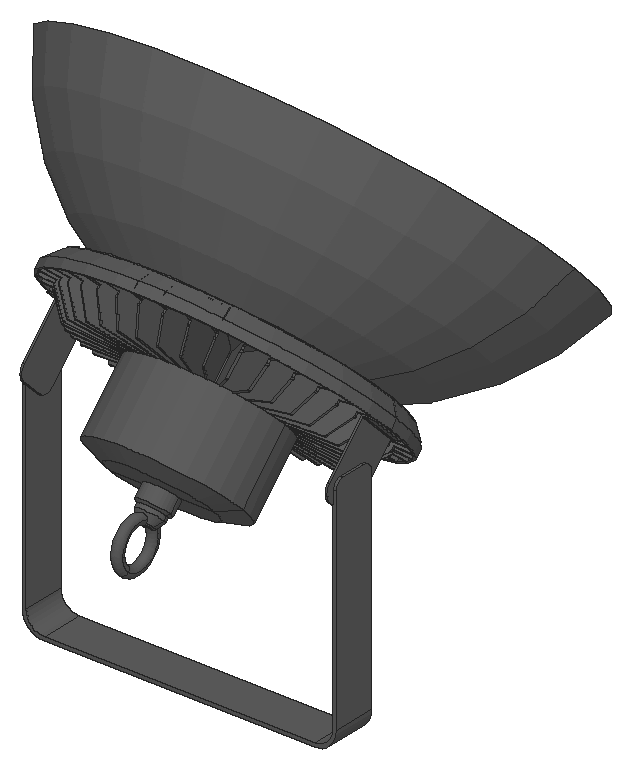
Revit family "0039347+0039353+0039357 Feilo Sylvania Lighting Fixture START HIGHBAY 4K 13KLM WIDE with BRACKET and ALU SHADE BLACK COLOR", category Lighting Fixtures, host Face, Revit 2017 (continued)
Definition of nested family "Start LED Highbay Head"
  Dimensions and locks
    "RHHeight3_FEILO": plane 31 to plane 33
    "RHHeight4_FEILO": plane 33 to plane 34
    "RHRadius3_FEILO": plane 3 "Center (Left/Right)" to plane 35
    "RHHeight1_FEILO": plane 28 to plane 30
    "EyeInner_FEILO": plane 34 to plane 36
    "EyeInner_FEILO": plane 36 to plane 37
    equal spacing: plane 38, plane 3 "Center (Left/Right)", plane 39
    "EyeThickness_FEILO": plane 38 to plane 39
    "EyeThickness_FEILO": plane 37 to plane 40
    equal spacing: plane 37, plane 41, plane 40
    equal spacing: plane 6, plane 42, plane 18
    "ThicknessBracket_FEILO": plane 45 to plane 6
    "ThicknessBracket_FEILO": plane 8 to plane 44
    locked: plane 43 to plane 18 at 1
    equal spacing: plane 24, plane 46, plane 26
    equal spacing: plane 47, plane 1 "Center (Front/Back)", plane 48
    "WidthBracket_FEILO": plane 47 to plane 48
    "WidthRingChamfer_FEILO": plane 50 to plane 49
    "ThicknessWall_FEILO": plane 51 to plane 49
    equal spacing: plane 50, plane 52, plane 51
    "ThicknessBracket_FEILO": plane 54 to plane 50
    locked: plane 53 to plane 51 at 1
    "Radius_FEILO": plane 49 to plane 3 "Center (Left/Right)"
    "ShadeRadiusOut_FEILO": plane 3 "Center (Left/Right)" to plane 55
    "ShadeHeight_FEILO": plane 56 to plane 4
    "ShadeRadiusIn_FEILO": plane 3 "Center (Left/Right)" to plane 57
    locked: plane 58 to plane 57 at 8
    "ShadeThickness_FEILO": plane 60 to plane 4
    "ShadeThickness_FEILO": plane 59 to plane 55
    "EyeThicknessHalf_FEILO": radius of curve 8
    "ThicknessBracket_FEILO": radius of Extrusion 7 sketch curve  (x2)
    "ThicknessBracketHalf_FEILO": radius of Extrusion 7 sketch curve  (x2)
    "ShadeRadiusBend_FEILO": radius of curve 9
    aligned and locked: plane 2 to Extrusion 1
    aligned and locked: level to Extrusion 1
    aligned and locked: plane 5 to curve 1
    aligned and locked: plane 6 to curve 1
    aligned and locked: plane 7 to curve 1
    aligned and locked: plane 10 to curve 2
    aligned and locked: plane 9 to curve 3
    aligned and locked: plane 4 to curve 3
    aligned and locked: plane 11 to curve 3
    aligned and locked: plane 4 to curve 4
    aligned and locked: plane 18 to curve 5
    aligned and locked: plane 10 to curve 5
    aligned and locked: Revolve 2 sketch curve to plane 3 "Center (Left/Right)"
    aligned and locked: Revolve 2 sketch curve to curve 3
    aligned and locked: Revolve 2 sketch curve to curve 1
    aligned and locked: plane 4 to Revolve 2 sketch curve
    aligned and locked: plane 9 to Revolve 2 sketch curve
    aligned and locked: Revolve 2 sketch curve to plane 13
    aligned and locked: Revolve 2 sketch curve to plane 10
    aligned and locked: plane 13 to Revolve 2 sketch curve
    aligned and locked: plane 10 to Revolve 2 sketch curve
    aligned and locked: Revolve 2 sketch curve to plane 18
    aligned and locked: Revolve 2 sketch curve to plane 8
    aligned and locked: plane 5 to Revolve 2 sketch curve  (x2)
    aligned and locked: Revolve 3 sketch curve to plane 3 "Center (Left/Right)"
    aligned and locked: plane 11 to Revolve 3 sketch curve
    aligned and locked: Revolve 3 sketch curve to curve 2
    aligned and locked: plane 15 to Revolve 3 sketch curve
    aligned and locked: Revolve 3 sketch curve to plane 16
    aligned and locked: plane 17 to Revolve 3 sketch curve  (x2)
    aligned and locked: Revolve 3 sketch curve to plane 12
    aligned and locked: plane 7 to Revolve 3 sketch curve
    aligned and locked: Revolve 4 sketch curve to plane 3 "Center (Left/Right)"
    aligned and locked: Revolve 4 sketch curve to plane 14
    aligned and locked: plane 3 "Center (Left/Right)" to Revolve 4 sketch curve
    aligned and locked: Revolve 4 sketch curve to plane 12
    aligned and locked: plane 15 to Revolve 4 sketch curve
    aligned and locked: Revolve 2 sketch curve to curve 5
    aligned and locked: plane 22 to curve 6
    aligned and locked: plane 21 to curve 6
    aligned and locked: plane 20 to curve 6
    aligned and locked: plane 19 to curve 6
    aligned and locked: plane 33 to curve 7
    aligned and locked: plane 32 to curve 7
    aligned and locked: plane 35 to curve 7
    aligned and locked: plane 34 to curve 7
    aligned and locked: Revolve 5 sketch curve to plane 3 "Center (Left/Right)"
    aligned and locked: Revolve 5 sketch curve to plane 25
    aligned and locked: plane 27 to Revolve 5 sketch curve
    aligned and locked: plane 28 to Revolve 5 sketch curve
    aligned and locked: plane 30 to Revolve 5 sketch curve
    aligned and locked: Revolve 5 sketch curve to plane 29
    aligned and locked: plane 31 to Revolve 5 sketch curve
    aligned and locked: Revolve 5 sketch curve to curve 7
    aligned and locked: Revolve 5 sketch curve to plane 32
    aligned and locked: plane 34 to Revolve 5 sketch curve
    aligned and locked: plane 3 "Center (Left/Right)" to Revolve 5 sketch curve
    aligned and locked: plane 3 "Center (Left/Right)" to curve 8
    aligned and locked: plane 41 to curve 8
    aligned and locked: Revolve 6 sketch curve to plane 36
    aligned and locked: Revolve 6 sketch curve to curve 8
    aligned and locked: plane 43 to Extrusion 7 sketch curve  (x2)
    aligned and locked: plane 8 to Extrusion 7 sketch curve  (x3)
    aligned and locked: Extrusion 7 sketch curve to plane 45
    aligned and locked: Extrusion 7 sketch curve to plane 46  (x2)
    aligned and locked: plane 6 to Extrusion 7 sketch curve
    aligned and locked: Extrusion 7 sketch curve to plane 44  (x2)
    aligned and locked: Extrusion 7 to plane 48
    aligned and locked: plane 47 to Extrusion 7
    aligned and locked: plane 53 to Extrusion 7 sketch curve
    aligned and locked: plane 50 to Extrusion 7 sketch curve
    aligned and locked: Extrusion 7 sketch curve to plane 54
    aligned and locked: Extrusion 8 sketch curve to Extrusion 8 sketch curve
    aligned and locked: Extrusion 8 to plane 6
    aligned and locked: Extrusion 8 to Extrusion 7
    aligned and locked: Revolve 5 sketch curve to plane 22
    aligned and locked: plane 23 to nested 1
    aligned and locked: plane 1 "Center (Front/Back)" to nested 1
    aligned and locked: Revolve 9 sketch curve to plane 3 "Center (Left/Right)"
    aligned and locked: Revolve 9 sketch curve to plane 4
    aligned and locked: plane 6 to Revolve 9 sketch curve
    aligned and locked: plane 4 to Revolve 9 sketch curve
    aligned and locked: plane 7 to Revolve 9 sketch curve
    aligned and locked: Revolve 9 sketch curve to plane 5
    aligned and locked: plane 8 to Revolve 9 sketch curve  (x2)
    aligned and locked: Revolve 9 sketch curve to plane 19
    aligned and locked: plane 20 to Revolve 9 sketch curve
    aligned and locked: plane 19 to Revolve 9 sketch curve
    aligned and locked: plane 21 to Revolve 9 sketch curve
    aligned and locked: plane 22 to Revolve 9 sketch curve  (x2)
    aligned and locked: Revolve 9 sketch curve to Revolve 9 sketch curve
    aligned and locked: imposter light to plane 4
    aligned and locked: plane 3 "Center (Left/Right)" to imposter light
    aligned and locked: imposter light to plane 1 "Center (Front/Back)"
    aligned and locked: plane 55 to curve 9
    aligned and locked: plane 56 to curve 9
    aligned and locked: plane 57 to curve 9
    aligned and locked: plane 4 to curve 9
    aligned and locked: Revolve 10 sketch curve to curve 9
    aligned and locked: plane 58 to Revolve 10 sketch curve
    aligned and locked: plane 57 to Revolve 10 sketch curve
    aligned and locked: plane 56 to Revolve 10 sketch curve  (x2)
    aligned and locked: Revolve 10 sketch curve to plane 58
    aligned and locked: plane 60 to Revolve 10 sketch curve
  Automatic sketch dimensions
    Extrusion 1 sketch curve to Extrusion 1 sketch curve = 2438.4 mm  (x2)
    Revolve 2 sketch curve to plane 6 = 0.299 mm
    plane 6 to Revolve 2 sketch curve = 0.459 mm
    Revolve 2 sketch curve to level = 609.6 mm
    Revolve 2 sketch curve to Revolve 2 sketch curve = 2312.223 mm
    Revolve 3 sketch curve to plane 12 = 0 mm
    Revolve 3 sketch curve to plane 3 "Center (Left/Right)" = 0 mm
    Revolve 3 sketch curve to level = 609.6 mm
    Revolve 3 sketch curve to plane 4 = 2339.058 mm
    Revolve 4 sketch curve to level = 609.6 mm
    Revolve 4 sketch curve to plane 4 = 2339.058 mm
    Revolve 6 sketch curve to plane 5 = 1080 mm
    plane 38 to Revolve 6 sketch curve = 1219.2 mm
    Extrusion 8 sketch curve to plane 47 = 0 mm
    plane 46 to Extrusion 8 sketch curve = 0 mm  (x2)
    Extrusion 8 sketch curve to plane 48 = 0 mm
    plane 47 to Extrusion 8 sketch curve = 5 mm
    plane 1 "Center (Front/Back)" to Extrusion 8 sketch curve = 10 mm
    Extrusion 8 sketch curve to Extrusion 8 sketch curve = 10 mm
    plane 46 to Extrusion 8 sketch curve = 5 mm
    Extrusion 8 sketch curve to Extrusion 8 sketch curve = 5 mm
    Extrusion 8 sketch curve to plane 48 = 5 mm
    Revolve 5 sketch curve to plane 26 = 0 mm
    Revolve 5 sketch curve to plane 35 = 0.437 mm
    plane 35 to Revolve 5 sketch curve = 0.847 mm
    Revolve 5 sketch curve to plane 34 = 0.726 mm
    plane 40 to Revolve 5 sketch curve = 590.2 mm
    Revolve 5 sketch curve to plane 4 = 2339.058 mm
    Revolve 9 sketch curve to level = 609.6 mm
    Revolve 9 sketch curve to Revolve 9 sketch curve = 2386.058 mm
    curve 2 to plane 3 "Center (Left/Right)" = 0 mm
    Revolve 10 sketch curve to Revolve 10 sketch curve = 0 mm  (x2)
    Revolve 10 sketch curve to plane 3 "Center (Left/Right)" = 0 mm
    plane 57 to Revolve 10 sketch curve = 0.659 mm
    Revolve 10 sketch curve to level = 609.6 mm
    Revolve 10 sketch curve to Revolve 10 sketch curve = 2068.248 mm
  Nested families
    nested 1: "Start Highbay Rib" at (0, 0, 67.775), type "Type Name", detail levels medium+fine
      with SuspensionHeight_FEILO 2.6 mm
    nested 2: "Start Highbay Rib" at (0, 0, 67.775) x (0.9877, 0.1564, 0) z (0, 0, 1), type "Type Name", detail levels medium+fine
      with SuspensionHeight_FEILO 2.6 mm
    nested 3: "Start Highbay Rib" at (0, 0, 67.775) x (0.9511, 0.309, 0) z (0, 0, 1), type "Type Name", detail levels medium+fine
      with SuspensionHeight_FEILO 2.6 mm
    nested 4: "Start Highbay Rib" at (0, 0, 67.775) x (0.891, 0.454, 0) z (0, 0, 1), type "Type Name", detail levels medium+fine
      with SuspensionHeight_FEILO 2.6 mm
    nested 5: "Start Highbay Rib" at (0, 0, 67.775) x (0.809, 0.5878, 0) z (0, 0, 1), type "Type Name", detail levels medium+fine
      with SuspensionHeight_FEILO 2.6 mm
    nested 6: "Start Highbay Rib" at (0, 0, 67.775) x (0.7071, 0.7071, 0) z (0, 0, 1), type "Type Name", detail levels medium+fine
      with SuspensionHeight_FEILO 2.6 mm
    nested 7: "Start Highbay Rib" at (0, 0, 67.775) x (0.5878, 0.809, 0) z (0, 0, 1), type "Type Name", detail levels medium+fine
      with SuspensionHeight_FEILO 2.6 mm
    nested 8: "Start Highbay Rib" at (0, 0, 67.775) x (0.454, 0.891, 0) z (0, 0, 1), type "Type Name", detail levels medium+fine
      with SuspensionHeight_FEILO 2.6 mm
    nested 9: "Start Highbay Rib" at (0, 0, 67.775) x (0.309, 0.9511, 0) z (0, 0, 1), type "Type Name", detail levels medium+fine
      with SuspensionHeight_FEILO 2.6 mm
    nested 10: "Start Highbay Rib" at (0, 0, 67.775) x (0.1564, 0.9877, 0) z (0, 0, 1), type "Type Name", detail levels medium+fine
      with SuspensionHeight_FEILO 2.6 mm
    nested 11: "Start Highbay Rib" at (0, 0, 67.775) x (0, 1, 0) z (0, 0, 1), type "Type Name", detail levels medium+fine
      with SuspensionHeight_FEILO 2.6 mm
    nested 12: "Start Highbay Rib" at (0, 0, 67.775) x (-0.1564, 0.9877, 0) z (0, 0, 1), type "Type Name", detail levels medium+fine
      with SuspensionHeight_FEILO 2.6 mm
    nested 13: "Start Highbay Rib" at (0, 0, 67.775) x (-0.309, 0.9511, 0) z (0, 0, 1), type "Type Name", detail levels medium+fine
      with SuspensionHeight_FEILO 2.6 mm
    nested 14: "Start Highbay Rib" at (0, 0, 67.775) x (-0.454, 0.891, 0) z (0, 0, 1), type "Type Name", detail levels medium+fine
      with SuspensionHeight_FEILO 2.6 mm
    nested 15: "Start Highbay Rib" at (0, 0, 67.775) x (-0.5878, 0.809, 0) z (0, 0, 1), type "Type Name", detail levels medium+fine
      with SuspensionHeight_FEILO 2.6 mm
    nested 16: "Start Highbay Rib" at (0, 0, 67.775) x (-0.7071, 0.7071, 0) z (0, 0, 1), type "Type Name", detail levels medium+fine
      with SuspensionHeight_FEILO 2.6 mm
    nested 17: "Start Highbay Rib" at (0, 0, 67.775) x (-0.809, 0.5878, 0) z (0, 0, 1), type "Type Name", detail levels medium+fine
      with SuspensionHeight_FEILO 2.6 mm
    nested 18: "Start Highbay Rib" at (0, 0, 67.775) x (-0.891, 0.454, 0) z (0, 0, 1), type "Type Name", detail levels medium+fine
      with SuspensionHeight_FEILO 2.6 mm
    nested 19: "Start Highbay Rib" at (0, 0, 67.775) x (-0.9511, 0.309, 0) z (0, 0, 1), type "Type Name", detail levels medium+fine
      with SuspensionHeight_FEILO 2.6 mm
    nested 20: "Start Highbay Rib" at (0, 0, 67.775) x (-0.9877, 0.1564, 0) z (0, 0, 1), type "Type Name", detail levels medium+fine
      with SuspensionHeight_FEILO 2.6 mm
    nested 21: "Start Highbay Rib" at (0, 0, 67.775) x (-1, 0, 0) z (0, 0, 1), type "Type Name", detail levels medium+fine
      with SuspensionHeight_FEILO 2.6 mm
    nested 22: "Start Highbay Rib" at (0, 0, 67.775) x (-0.9877, -0.1564, 0) z (0, 0, 1), type "Type Name", detail levels medium+fine
      with SuspensionHeight_FEILO 2.6 mm
    nested 23: "Start Highbay Rib" at (0, 0, 67.775) x (-0.9511, -0.309, 0) z (0, 0, 1), type "Type Name", detail levels medium+fine
      with SuspensionHeight_FEILO 2.6 mm
    nested 24: "Start Highbay Rib" at (0, 0, 67.775) x (-0.891, -0.454, 0) z (0, 0, 1), type "Type Name", detail levels medium+fine
      with SuspensionHeight_FEILO 2.6 mm
    nested 25: "Start Highbay Rib" at (0, 0, 67.775) x (-0.809, -0.5878, 0) z (0, 0, 1), type "Type Name", detail levels medium+fine
      with SuspensionHeight_FEILO 2.6 mm
    nested 26: "Start Highbay Rib" at (0, 0, 67.775) x (-0.7071, -0.7071, 0) z (0, 0, 1), type "Type Name", detail levels medium+fine
      with SuspensionHeight_FEILO 2.6 mm
    nested 27: "Start Highbay Rib" at (0, 0, 67.775) x (-0.5878, -0.809, 0) z (0, 0, 1), type "Type Name", detail levels medium+fine
      with SuspensionHeight_FEILO 2.6 mm
    nested 28: "Start Highbay Rib" at (0, 0, 67.775) x (-0.454, -0.891, 0) z (0, 0, 1), type "Type Name", detail levels medium+fine
      with SuspensionHeight_FEILO 2.6 mm
    nested 29: "Start Highbay Rib" at (0, 0, 67.775) x (-0.309, -0.9511, 0) z (0, 0, 1), type "Type Name", detail levels medium+fine
      with SuspensionHeight_FEILO 2.6 mm
    nested 30: "Start Highbay Rib" at (0, 0, 67.775) x (-0.1564, -0.9877, 0) z (0, 0, 1), type "Type Name", detail levels medium+fine
      with SuspensionHeight_FEILO 2.6 mm
    nested 31: "Start Highbay Rib" at (0, 0, 67.775) x (0, -1, 0) z (0, 0, 1), type "Type Name", detail levels medium+fine
      with SuspensionHeight_FEILO 2.6 mm
    nested 32: "Start Highbay Rib" at (0, 0, 67.775) x (0.1564, -0.9877, 0) z (0, 0, 1), type "Type Name", detail levels medium+fine
      with SuspensionHeight_FEILO 2.6 mm
    nested 33: "Start Highbay Rib" at (0, 0, 67.775) x (0.309, -0.9511, 0) z (0, 0, 1), type "Type Name", detail levels medium+fine
      with SuspensionHeight_FEILO 2.6 mm
    nested 34: "Start Highbay Rib" at (0, 0, 67.775) x (0.454, -0.891, 0) z (0, 0, 1), type "Type Name", detail levels medium+fine
      with SuspensionHeight_FEILO 2.6 mm
    nested 35: "Start Highbay Rib" at (0, 0, 67.775) x (0.5878, -0.809, 0) z (0, 0, 1), type "Type Name", detail levels medium+fine
      with SuspensionHeight_FEILO 2.6 mm
    nested 36: "Start Highbay Rib" at (0, 0, 67.775) x (0.7071, -0.7071, 0) z (0, 0, 1), type "Type Name", detail levels medium+fine
      with SuspensionHeight_FEILO 2.6 mm
    nested 37: "Start Highbay Rib" at (0, 0, 67.775) x (0.809, -0.5878, 0) z (0, 0, 1), type "Type Name", detail levels medium+fine
      with SuspensionHeight_FEILO 2.6 mm
    nested 38: "Start Highbay Rib" at (0, 0, 67.775) x (0.891, -0.454, 0) z (0, 0, 1), type "Type Name", detail levels medium+fine
      with SuspensionHeight_FEILO 2.6 mm
    nested 39: "Start Highbay Rib" at (0, 0, 67.775) x (0.9511, -0.309, 0) z (0, 0, 1), type "Type Name", detail levels medium+fine
      with SuspensionHeight_FEILO 2.6 mm
    nested 40: "Start Highbay Rib" at (0, 0, 67.775) x (0.9877, -0.1564, 0) z (0, 0, 1), type "Type Name", detail levels medium+fine
      with SuspensionHeight_FEILO 2.6 mm
  Definition of nested family "Start Highbay Rib"
    Parameters (values of type "Type Name")
      WidthStraight_FEILO = if(SizeS_FEILO, 3 mm, if(SizeM_FEILO, 4 mm, 4.7 mm))  # 3 mm
      WidthRingChamfer_FEILO = if(SizeS_FEILO, 10.3 mm, if(SizeM_FEILO, 11.2 mm, 12.9 mm))  # 10.3 mm
      WidthCurved_FEILO = if(SizeS_FEILO, 17.4 mm, if(SizeM_FEILO, 16.4 mm, 26.2 mm))  # 17.4 mm
      WidthCurvedRing_FEILO = if(SizeS_FEILO, 3 mm, if(SizeM_FEILO, 4 mm, 4.7 mm))  # 3 mm
      WidthBracket_FEILO = 40 mm
      URL = "http://www.feilosylvania.com"
      Type Image = (empty or 0)
      Type Comments = "n/a"
      ThicknessWall_FEILO = 1.5 mm
      ThicknessBracket_FEILO = 1.5 mm
      ThicknessBracketHalf_FEILO = ThicknessBracket_FEILO / 2  # 0.75 mm
      SuspensionHeight_FEILO [instance] = 2.6 mm
      SizeS_FEILO = yes
      SizeM_FEILO = no
      Rib4_FEILO = if(SizeS_FEILO, 18.1 mm, if(SizeM_FEILO, 13.6 mm, 14.6 mm))  # 18.1 mm
      Rib3_FEILO = if(SizeS_FEILO, 15.3 mm, if(SizeM_FEILO, 17.6 mm, 20.2 mm))  # 15.3 mm
      Rib2_FEILO = if(SizeS_FEILO, 3.6 mm, if(SizeM_FEILO, 3.9 mm, 4.5 mm))  # 3.6 mm
      Rib1_FEILO = if(SizeS_FEILO, 15.1 mm, if(SizeM_FEILO, 16.5 mm, 19 mm))  # 15.1 mm
      RadiusRib_FEILO = 2 mm
      RadiusDiffuser_FEILO = if(SizeS_FEILO, 95.2 mm, if(SizeM_FEILO, 105.3 mm, 120 mm))  # 95.2 mm
      RHRadius3_FEILO = if(SizeS_FEILO, 6.6 mm, if(SizeM_FEILO, 7.4 mm, 8.6 mm))  # 6.6 mm
      RHRadius2_FEILO = if(SizeS_FEILO, 11 mm, if(SizeM_FEILO, 12 mm, 14 mm))  # 11 mm
      RHRadius1_FEILO = if(SizeS_FEILO, 13.6 mm, if(SizeM_FEILO, 14.9 mm, 17.7 mm))  # 13.6 mm
      RHHeight4_FEILO = if(SizeS_FEILO, 7.3 mm, if(SizeM_FEILO, 8 mm, 9.2 mm))  # 7.3 mm
      RHHeight3_FEILO = if(SizeS_FEILO, 3.6 mm, if(SizeM_FEILO, 3.7 mm, 4.6 mm))  # 3.6 mm
      RHHeight2_FEILO = if(SizeS_FEILO, 2 mm, if(SizeM_FEILO, 2.2 mm, 2.6 mm))  # 2 mm
      RHHeight1_FEILO = if(SizeS_FEILO, 11.8 mm, if(SizeM_FEILO, 15.3 mm, 17.4 mm))  # 11.8 mm
      Material_3_FEILO = none
      Model = ""
      Manufacturer = "Feilo Sylvania"
      Keynote = "16500"
      HeightRing_FEILO = if(SizeS_FEILO, 19.8 mm, if(SizeM_FEILO, 32 mm, 36.8 mm))  # 19.8 mm
      HeightRingChamfer_FEILO = if(SizeS_FEILO, 11.7 mm, if(SizeM_FEILO, 23.2 mm, 26.6 mm))  # 11.7 mm
      EyeThickness_FEILO = if(SizeS_FEILO, 8.4 mm, if(SizeM_FEILO, 9.2 mm, 10.5 mm))  # 8.4 mm
      EyeThicknessHalf_FEILO = EyeThickness_FEILO / 2  # 4.2 mm
      EyeInner_FEILO = if(SizeS_FEILO, 13.8 mm, if(SizeM_FEILO, 15.1 mm, 17.3 mm))  # 13.8 mm
      DriverVerticalStraight_FEILO = if(SizeS_FEILO, 46.5 mm, if(SizeM_FEILO, 49.7 mm, 57 mm))  # 46.5 mm
      DriverVerticalChamfer_FEILO = if(SizeS_FEILO, 7.5 mm, if(SizeM_FEILO, 8.2 mm, 9.5 mm))  # 7.5 mm
      DriverRadius_FEILO = if(SizeS_FEILO, 61.4 mm, if(SizeM_FEILO, 67.2 mm, 76.4 mm))  # 61.4 mm
      DriverRadiusTop_FEILO = if(SizeS_FEILO, 42 mm, if(SizeM_FEILO, 45.3 mm, 52.4 mm))  # 42 mm
      DriverBottom_FEILO = if(SizeS_FEILO, 56 mm, if(SizeM_FEILO, 64.5 mm, 74 mm))  # 56 mm
      Material_2_FEILO = none
      Radius_FEILO = if(SizeS_FEILO, 135 mm, if(SizeM_FEILO, 148 mm, 169.5 mm))  # 135 mm
      Description = ""
      Default Elevation = 1219.2 mm
      Cost = 0
      Material_1_FEILO = none
      Assembly Code = "D5020200"
      Material_4_FEILO = none
    Reference planes
      plane 1 "Center (Front/Back)": y = 0
      plane 2: z = 0
      plane 3 "Center (Left/Right)": x = 0
      plane 4: z = 2.6
      plane 5: x = -135
      plane 6: x = -124.7
      plane 7: z = -9.1
      plane 8: z = -17.2
      plane 9: x = -121.7
      plane 10: z = -0.025
      plane 11: x = -104.3
      plane 12: x = -95.2
      plane 13: x = -118.7
      plane 14: z = 0.975
      plane 15: z = -1.025
      plane 16: x = -92.2
      plane 17: z = -2.025
      plane 18: x = -133.5
      plane 19: x = -119.9
      plane 20: z = -20.8
      plane 21: x = -104.6
      plane 22: z = -38.9
      plane 23: x = -20
      plane 24: z = -53.4
      plane 25: x = -61.4
      plane 26: z = -99.9
      plane 27: x = -42
      plane 28: z = -107.4
      plane 29: x = -13.6
      plane 30: z = -119.2
      plane 31: z = -121.2
      plane 32: x = -11
      plane 33: z = -124.8
      plane 34: z = -132.1
      plane 35: x = -6.6
      plane 36: z = -145.9
      plane 37: z = -159.7
      plane 38: x = 4.2
      plane 39: x = -4.2
      plane 40: z = -168.1
      plane 41: z = -163.9
      plane 42: x = -129.1
      plane 43: x = -132.5
      plane 44: z = -18.7
      plane 45: x = -123.2
      plane 46: z = -76.65
      plane 47: y = -20
      plane 48: y = 20
      plane 49: x = 135
      plane 50: x = 124.7
      plane 51: x = 133.5
      plane 52: x = 129.1
      plane 53: x = 132.5
      plane 54: x = 123.2
      plane 55: y = 0.75
      plane 56: y = -0.75
    Forms (mm)
      Extrusion 1, solid
        sketch origin (4.2, 0, 0) x (1, 0, 0) y (0, 1, 0)
          loop
            line (-1219.2, 1219.2) -> (-1219.2, -1219.2) -> (1219.2, -1219.2) -> (1219.2, 1219.2) -> (-1219.2, 1219.2)
        from 0 to -68.017
      Extrusion 2, solid, material <- "Material_1_FEILO"
        sketch origin (0, 0, 0) x (1, 0, 0) y (0, 0, 1)
          loop
            arc (-104.3, -0.025) -> (-111.555, 0.423) -> (-118.7, 1.76) r 58.981
            line (-118.7, 1.76) -> (-118.7, -0.025) -> (-125.012, -0.025) -> (-133.5, -9.666) -> (-133.5, -17.2) -> (-119.9, -17.2) -> (-119.9, -20.068)
            arc (-119.9, -20.068) -> (-119.778, -20.755) -> (-119.427, -21.359) r 2
            line (-119.427, -21.359) -> (-104.966, -38.467)
            arc (-104.966, -38.467) -> (-104.381, -38.789) -> (-103.723, -38.9) r 2
            line (-103.723, -38.9) -> (-20, -38.9) -> (-20, -9.1) -> (-95.2, -9.1) -> (-95.2, -2.025) -> (-104.3, -2.025) -> (-104.3, -0.025)
        from -0.75 to 0.75
    Lines and regions (mm)
      reference lines
        curve 1: line (-135, 0, -9.1) -> (-124.7, 0, 2.6)
        curve 2: line (-104.3, 0, -0.025) -> (0, 0, -0.025)
        curve 3: arc (-104.3, 0, -0.025) -> (-113.098, 0, 0.635) -> (-121.7, 0, 2.6) r 58.981
        curve 4: line (-124.7, 0, 2.6) -> (-121.7, 0, 2.6)
        curve 5: line (-125.012, 0, -0.025) -> (-133.5, 0, -9.666)
        curve 6: line (-119.9, 0, -20.8) -> (-104.6, 0, -38.9)
    Dimensions and locks
      "Radius_FEILO": plane 3 "Center (Left/Right)" to plane 5
      "WidthRingChamfer_FEILO": plane 6 to plane 5
      "WidthStraight_FEILO": plane 9 to plane 6
      "WidthCurvedRing_FEILO": plane 13 to plane 9
      locked: plane 10 to plane 15 at 1
      locked: plane 14 to plane 10 at 1
      locked: plane 4 to plane 10 at 2.625
      locked: plane 15 to plane 17 at 1
      "ThicknessWall_FEILO": plane 18 to plane 5
      "ThicknessWall_FEILO": curve 5 to curve 1
      "HeightRingChamfer_FEILO": plane 4 to plane 7
      "HeightRing_FEILO": plane 4 to plane 8
      "RadiusDiffuser_FEILO": plane 3 "Center (Left/Right)" to plane 12
      locked: plane 16 to plane 12 at 3
      "WidthCurved_FEILO": plane 11 to plane 9
      "SuspensionHeight_FEILO": plane 4 to plane 2
      "Rib1_FEILO": plane 19 to plane 5
      "Rib2_FEILO": plane 8 to plane 20
      "Rib3_FEILO": plane 21 to plane 19
      "Rib4_FEILO": plane 20 to plane 22
      locked: plane 3 "Center (Left/Right)" to plane 23 at 20
      "DriverBottom_FEILO": plane 4 to plane 24
      "DriverRadius_FEILO": plane 3 "Center (Left/Right)" to plane 25
      "DriverVerticalStraight_FEILO": plane 24 to plane 26
      "DriverRadiusTop_FEILO": plane 3 "Center (Left/Right)" to plane 27
      "DriverVerticalChamfer_FEILO": plane 26 to plane 28
      "RHRadius1_FEILO": plane 3 "Center (Left/Right)" to plane 29
      "RHHeight2_FEILO": plane 30 to plane 31
      "RHRadius2_FEILO": plane 3 "Center (Left/Right)" to plane 32
      "RHHeight3_FEILO": plane 31 to plane 33
      "RHHeight4_FEILO": plane 33 to plane 34
      "RHRadius3_FEILO": plane 3 "Center (Left/Right)" to plane 35
      "RHHeight1_FEILO": plane 28 to plane 30
      "EyeInner_FEILO": plane 34 to plane 36
      "EyeInner_FEILO": plane 36 to plane 37
      equal spacing: plane 38, plane 3 "Center (Left/Right)", plane 39
      "EyeThickness_FEILO": plane 38 to plane 39
      "EyeThickness_FEILO": plane 37 to plane 40
      equal spacing: plane 37, plane 41, plane 40
      equal spacing: plane 6, plane 42, plane 18
      "ThicknessBracket_FEILO": plane 45 to plane 6
      "ThicknessBracket_FEILO": plane 8 to plane 44
      locked: plane 43 to plane 18 at 1
      equal spacing: plane 24, plane 46, plane 26
      equal spacing: plane 47, plane 1 "Center (Front/Back)", plane 48
      "WidthBracket_FEILO": plane 47 to plane 48
      "WidthRingChamfer_FEILO": plane 50 to plane 49
      "ThicknessWall_FEILO": plane 51 to plane 49
      equal spacing: plane 50, plane 52, plane 51
      "ThicknessBracket_FEILO": plane 54 to plane 50
      locked: plane 53 to plane 51 at 1
      "Radius_FEILO": plane 49 to plane 3 "Center (Left/Right)"
      equal spacing: plane 56, plane 1 "Center (Front/Back)", plane 55
      "ThicknessWall_FEILO": plane 56 to plane 55
      "RadiusRib_FEILO": radius of Extrusion 2 sketch curve  (x2)
      aligned and locked: plane 2 to Extrusion 1
      aligned and locked: level to Extrusion 1
      aligned and locked: plane 5 to curve 1
      aligned and locked: plane 6 to curve 1
      aligned and locked: plane 7 to curve 1
      aligned and locked: plane 10 to curve 2
      aligned and locked: plane 9 to curve 3
      aligned and locked: plane 4 to curve 3
      aligned and locked: plane 11 to curve 3
      aligned and locked: plane 4 to curve 4
      aligned and locked: plane 18 to curve 5
      aligned and locked: plane 10 to curve 5
      aligned and locked: plane 22 to curve 6
      aligned and locked: plane 21 to curve 6
      aligned and locked: plane 20 to curve 6
      aligned and locked: plane 19 to curve 6
      aligned and locked: Extrusion 2 sketch curve to plane 23
      aligned and locked: Extrusion 2 sketch curve to plane 22
      aligned and locked: Extrusion 2 sketch curve to curve 6
      aligned and locked: plane 19 to Extrusion 2 sketch curve
      aligned and locked: Extrusion 2 sketch curve to plane 8
      aligned and locked: Extrusion 2 sketch curve to curve 5
      aligned and locked: Extrusion 2 sketch curve to curve 3
      aligned and locked: Extrusion 2 to plane 55
      aligned and locked: plane 56 to Extrusion 2
      aligned and locked: curve 6 to Extrusion 2 sketch curve
    Automatic sketch dimensions
      Extrusion 1 sketch curve to Extrusion 1 sketch curve = 2438.4 mm  (x2)
      curve 2 to plane 3 "Center (Left/Right)" = 0 mm
      Extrusion 2 sketch curve to plane 18 = 0 mm
      Extrusion 2 sketch curve to plane 10 = 0 mm
      Extrusion 2 sketch curve to plane 13 = 0 mm
      Extrusion 2 sketch curve to plane 7 = 0 mm
      Extrusion 2 sketch curve to plane 12 = 0 mm
      Extrusion 2 sketch curve to plane 17 = 0 mm
      plane 19 to Extrusion 2 sketch curve = 0.473 mm
      Extrusion 2 sketch curve to plane 21 = 0.366 mm
